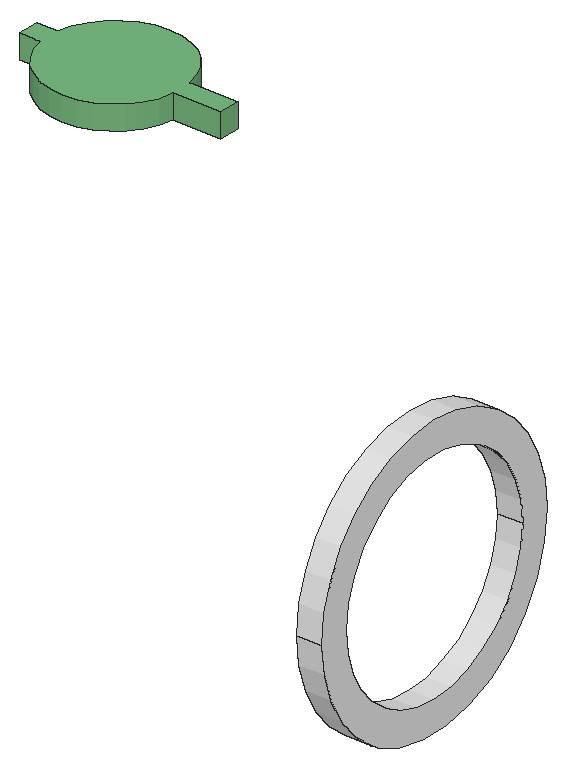
Revit family "Registro de corte antifraude 12 Inserto Dzr Interior A Pe 20Mm", category Pipe Accessories, Revit 2020
Family settings
  Round Connector Dimension = Use Diameter
  Part Type = Breaks Into
  Work Plane-Based = No
  Always vertical = Yes
  Cut with Voids When Loaded = No
  Shared = No
Parameters (values of type "Registro de corte Antifraude 1/2" 20 mm")
  Type Comments = "Registro de corte antifraude 1/2\" 20 mm\r\nInserto Dzr Interior A Pe 20Mm"
  SKU = "3154"
  Model = "3154"
  Manufacturer = "PCP PLASTICOS"
  Imagen = ""
  Email = "servicioalcliente@PCPplasticos.com"
  Default Elevation = 0 mm
Reference planes
  plane 1 "Center (Front/Back)": y = 0
  plane 2: z = 0
  plane 3 "Center (Left/Right)": x = 0
Forms (mm)
  Extrusion 1, solid, material "229_229_229"
    sketch origin (0, 0, 0) x (0, 1, 0) y (0, 0, 1)
      loop
        circle (0, 0) r 20
      loop
        circle (0, 0) r 15.666
    from 34.919 to 38.439
  Extrusion 2, solid, material "73_169_84"
    sketch origin (0, 0, 0) x (1, 0, 0) y (0, 1, 0)
      loop
        line (2.49, -1.49) -> (9.237, -1.49) -> (9.237, 1.49) -> (2.49, 1.49)
        arc (2.49, 1.49) -> (-6.919, 9.526) -> (-16.327, 1.49) r 9.526
        line (-16.327, 1.49) -> (-19.34, 1.49) -> (-19.34, -1.49) -> (-16.327, -1.49)
        arc (-16.327, -1.49) -> (-6.919, -9.526) -> (2.49, -1.49) r 9.526
    from 46.283 to 49.7
Dimensions and locks
  aligned and locked: level to plane 2
Connectors
  piping at (43.019, 0, 0), diameter 12.7
    settings: on import instance, index 1, connector inside diameter 609.6 mm, connector length 0 mm, flow factor 0, pipe flow 0.0 L/s, pressure drop 0.0 Pa, fitting loss kfactor 0, connector angle 0.00°, fixture units 0, engagement length 0 mm, angle of deflection 0.00°, flow configuration 0, flow direction 0, fitting loss method 0, system type 7, joint type 0, gender type 0, connector reference index -1, connector utility 0, adjustable connector no, is connector primary yes, connector description ""
  piping at (-42.919, 0, 0), diameter 12.7
    settings: on import instance, index 2, connector inside diameter 609.6 mm, connector length 0 mm, flow factor 0, pipe flow 0.0 L/s, pressure drop 0.0 Pa, fitting loss kfactor 0, connector angle 0.00°, fixture units 0, engagement length 0 mm, angle of deflection 0.00°, flow configuration 0, flow direction 0, fitting loss method 0, system type 7, joint type 0, gender type 0, connector reference index -1, connector utility 0, adjustable connector no, is connector primary no, connector description ""
